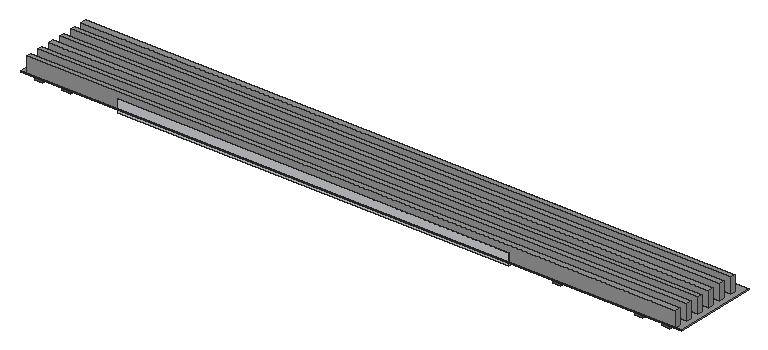
Revit family "1113-6, Solid", category Generic Models, host Face, Revit 2020
Family settings
  Host = Face
  Can host rebar = No
  Round Connector Dimension = Use Diameter
  Part Type = Normal
  Cut with Voids When Loaded = No
  Shared = No
  Room Calculation Point = No
Parameters
  min_value [instance] = 1' - 11 1/4"  # constant formula
  max_value [instance] = 11' - 11 1/4"  # constant formula
  actual_value [instance] = if(NET LENGTH < min_value, min_value, if(NET LENGTH > max_value, max_value, NET LENGTH))  # 7' - 11 1/4"
  SCRIM MATERIAL [instance] = SCRIM
  SCRIM [instance] = yes
  NET LENGTH [instance] = 7' - 11 1/4"
  Default Elevation = 4' - 0"
  BACKER MATERIAL [instance] = BLACK-BACKERS
  .. MEMBER WIDTH [instance] = 0' - 0 3/4"  # constant formula
  .. MEMBER MATERIAL [instance] = Solid Western Hemlock
  .. MEMBER LENGTH [instance] = actual_value  # 7' - 11 1/4"
  .. MEMBER DEPTH [instance] = 0' - 2 1/4"  # constant formula
  .. MEMBER COUNT [instance] = 6  # constant formula
  IMPORTANT NOTE!!!                                                                             *Backer layout is for visualization purposes only, final layout to be determined by 9Wood. [instance] = ""
Reference planes (in)
  plane 1 "Center (Front/Back)": y = 0
  plane 2: z = 1.82209
  plane 3 "Center (Left/Right)": x = 0
Forms (in)
  Extrusion 1, solid
    sketch origin (132, -33.80483, 0) x (1, 0, 0) y (0, 1, 0)
      loop
        line (-118.625, 33.80483) -> (-61.26146, 33.80483) -> (-61.26146, 45.86733) -> (-118.625, 45.86733) -> (-118.625, 33.80483)
    from 1.82209 to 0
Dimensions and locks (in)
  aligned and locked: Extrusion 1 to plane 2
  aligned and locked: plane 3 "Center (Left/Right)" to nested 1
Nested families (in)
  nested 1: "1100 SERIES CONFIG" at (0, 2, 0), .. MEMBER DEPTH <- ".. MEMBER DEPTH", .. MEMBER LENGTH <- ".. MEMBER LENGTH", .. MEMBER WIDTH <- ".. MEMBER WIDTH", .. MEMBER MATERIAL <- ".. MEMBER MATERIAL", BACKING M MATERIAL <- "BACKER MATERIAL", SCRIM  MATERIAL <- "SCRIM MATERIAL", .. MEMBER COUNT <- ".. MEMBER COUNT", SCRIM <- "SCRIM", type "1100 SERIES CONFIG"
    with X 7' - 8", SCRIM OVERHANG 2 0' - 0 3/32", SCRIM OVERHANG 0' - 0 7/8", SCRIM LENGTH 8' - 1", SCRIM  MATERIAL SCRIM, SCRIM yes, NOMINAL LENGTH 7, N 8, Inset 6' - 0 3/8", INSET 0' - 1", INDEX 0' - 5 5/8", HALF MEMBER WIDTH 0' - 0 3/8", HALF LENGTH 3' - 11 5/8", END BACKER yes, BACKING M WIDTH 0' - 1 1/4", BACKING M OC SPACING 1' - 0", BACKING M MATERIAL BLACK-BACKERS, BACKING M LENGTH 0' - 11 7/8", BACKING M DEPTH 0' - 0 1/2", BACKING M COUNT 8, 3/16" INSET 0' - 0 3/16", .. MEMBER WIDTH 0' - 0 3/4", .. MEMBER OC SPACING 0' - 2", .. MEMBER MATERIAL Solid Western Hemlock, .. MEMBER LENGTH 7' - 11 1/4", .. MEMBER DEPTH 0' - 2 1/4", .. MEMBER COUNT 6
Definition of nested family "1100 SERIES CONFIG"
  Parameters (values of type "1100 SERIES CONFIG")
    X [instance] = .. MEMBER LENGTH - 0' 3 1/4"  # 5' - 5"
    SCRIM OVERHANG 2 [instance] = 0' - 0 3/32"  # constant formula
    SCRIM OVERHANG [instance] = 0' - 0 7/8"  # constant formula
    SCRIM LENGTH [instance] = .. MEMBER LENGTH + (SCRIM OVERHANG * 2)  # 5' - 10"
    SCRIM  MATERIAL [instance] = none
    SCRIM [instance] = yes
    NOMINAL LENGTH [instance] = 7
    N [instance] = if((X - (rounddown(X / 1' 0") * 1' 0")) > 1' 0", rounddown(X / 1' 0") + 2, rounddown(X / 1' 0") + 1)  # 6
    Inset [instance] = 6' - 0 3/8"  # constant formula
    INSET [instance] = 0' - 1"  # constant formula
    END BACKER [instance] = INDEX > 0' 3 5/8"  # yes
    INDEX [instance] = (.. MEMBER LENGTH - ((N - 1) * 1' 0")) / 2  # 0' - 4 1/8"
    HALF MEMBER WIDTH [instance] = .. MEMBER WIDTH / 2  # 0' - 0 5/16"
    HALF LENGTH [instance] = .. MEMBER LENGTH / 2  # 2' - 10 1/8"
    Default Elevation = 0' - 0"
    BACKING M WIDTH [instance] = 0' - 1 1/4"
    BACKING M SPACING = 3' - 3"
    BACKING M MATERIAL [instance] = none
    BACKING M LENGTH [instance] = 0' - 11 7/8"
    BACKING M DEPTH [instance] = 0' - 0 1/2"
    BACKING M COUNT [instance] = N  # 6
    BACKING M OC SPACING [instance] = 1' - 0"  # constant formula
    3/16" INSET [instance] = 0' - 0 3/16"  # constant formula
    .. MEMBER WIDTH [instance] = 0' - 0 5/8"
    .. MEMBER OC SPACING [instance] = 1' 0" / .. MEMBER COUNT  # 0' - 4"
    .. MEMBER MATERIAL [instance] = none
    .. MEMBER LENGTH [instance] = 5' - 8 1/4"
    .. MEMBER DEPTH [instance] = 0' - 1 3/8"
    .. MEMBER COUNT [instance] = 3
  Reference planes (in)
    plane 1 "Center (Front/Back)": y = -2
    plane 2: z = 0
    plane 3 "Center (Left/Right)": x = 0
    plane 4: x = 1
    plane 5: x = 4.125
    plane 6: x = 34.125
    plane 7: x = 68.25
    plane 8: x = 67.25
    plane 9: x = 16.125
    plane 10: y = -1.8125
    plane 11: y = -1.6875
    plane 12: y = 2.3125
    plane 13: x = 69.125
    plane 14: x = -0.875
    plane 15: z = 0.5
    plane 16: z = 0.5625
    plane 17: y = 10.0625
    plane 18: y = 10.15625
    plane 19: y = -2.09375
  Dimensions and locks (in)
    "INSET": plane 3 "Center (Left/Right)" to plane 4
    "INDEX": plane 3 "Center (Left/Right)" to plane 5
    "HALF LENGTH": plane 3 "Center (Left/Right)" to plane 6
    ".. MEMBER LENGTH": plane 3 "Center (Left/Right)" to plane 7
    "INSET": plane 8 to plane 7
    equal spacing: group 2, group 3, group 6, group 7, group 8, group 9  (x3)
    "3/16" INSET": plane 1 "Center (Front/Back)" to plane 10
    ".. MEMBER OC SPACING": plane 12 to plane 11
    "SCRIM OVERHANG": plane 14 to plane 3 "Center (Left/Right)"
    "SCRIM OVERHANG": plane 7 to plane 13
    equal spacing: group 1, group 4, group 5  (x2)
    equal spacing: group 5, group 4, group 1
    "HALF MEMBER WIDTH": plane 1 "Center (Front/Back)" to plane 11
    "BACKING M OC SPACING": plane 5 to plane 9
    "SCRIM OVERHANG 2": plane 18 to plane 17
    "SCRIM OVERHANG 2": plane 19 to plane 1 "Center (Front/Back)"
    aligned and locked: level to plane 2
    aligned and locked: plane 6 to nested 1
    aligned and locked: nested 2 to plane 4
    aligned and locked: plane 5 to nested 3
    aligned and locked: plane 1 "Center (Front/Back)" to nested 1
    aligned and locked: nested 2 to plane 10
    aligned and locked: nested 3 to plane 10
    aligned and locked: nested 5 to plane 10
    aligned and locked: nested 4 to plane 10
    aligned and locked: nested 6 to plane 14
    aligned and locked: plane 12 to nested 7
    aligned and locked: nested 7 to plane 3 "Center (Left/Right)"
    aligned and locked: plane 9 to nested 5
    aligned and locked: plane 8 to nested 4
    aligned and locked: plane 15 to nested 2
    aligned and locked: nested 6 to plane 15
    aligned and locked: nested 1 to plane 16
    aligned and locked: nested 7 to plane 16
    aligned and locked: nested 6 to plane 19
  Nested families (in)
    nested 1: "INSTANCE - Parametric Cube" at (34.125, -1.6875, 1.9375), Length <- ".. MEMBER WIDTH", Height <- ".. MEMBER DEPTH", Width <- ".. MEMBER LENGTH", Material <- ".. MEMBER MATERIAL", type "INSTANCE - Parametric Cube"
      with Width 5' - 8 1/4", Material none, Length 0' - 0 5/8", Height 0' - 1 3/8"
    nested 2: "2ND INSTANCE - Parametric Cube" at (1.625, 4.125, 0), Height <- "BACKING M DEPTH", Length <- "BACKING M LENGTH", Width <- "BACKING M WIDTH", Material <- "BACKING M MATERIAL", visible <- "END BACKER", type "2ND INSTANCE - Parametric Cube"
      with Width 0' - 1 1/4", Material none, Length 0' - 11 7/8", Height 0' - 0 1/2"
    nested 3: "2ND INSTANCE - Parametric Cube" at (4.125, 4.125, 0), Length <- "BACKING M LENGTH", Height <- "BACKING M DEPTH", Width <- "BACKING M WIDTH", Material <- "BACKING M MATERIAL", type "2ND INSTANCE - Parametric Cube"
      with Width 0' - 1 1/4", Material none, Length 0' - 11 7/8", Height 0' - 0 1/2"
    nested 4: "2ND INSTANCE - Parametric Cube" at (66.625, 4.125, 0), Width <- "BACKING M WIDTH", Length <- "BACKING M LENGTH", Height <- "BACKING M DEPTH", Material <- "BACKING M MATERIAL", visible <- "END BACKER", type "2ND INSTANCE - Parametric Cube"
      with Width 0' - 1 1/4", Material none, Length 0' - 11 7/8", Height 0' - 0 1/2"
    nested 5: "2ND INSTANCE - Parametric Cube" at (16.125, 4.125, 0), Length <- "BACKING M LENGTH", Height <- "BACKING M DEPTH", Width <- "BACKING M WIDTH", Material <- "BACKING M MATERIAL", type "2ND INSTANCE - Parametric Cube"
      with Width 0' - 1 1/4", Material none, Length 0' - 11 7/8", Height 0' - 0 1/2"
    nested 6: "3RD INSTANCE - Parametric Cube" at (34.125, 4.0445, 0.5), Width <- "SCRIM LENGTH", Material <- "SCRIM  MATERIAL", visible <- "SCRIM", type "3RD INSTANCE - Parametric Cube"
      with Width 5' - 10", Material none, Length 1' - 0.27649", Height 0' - 0 1/16"
    nested 7: "INSTANCE - Parametric Cube" at (34.125, 2.3125, 1.9375), Length <- ".. MEMBER WIDTH", Height <- ".. MEMBER DEPTH", Width <- ".. MEMBER LENGTH", Material <- ".. MEMBER MATERIAL", type "INSTANCE - Parametric Cube"
      with Width 5' - 8 1/4", Material none, Length 0' - 0 5/8", Height 0' - 1 3/8"
    nested 8: "INSTANCE - Parametric Cube" at (34.125, 6.3125, 1.9375), Length <- ".. MEMBER WIDTH", Height <- ".. MEMBER DEPTH", Width <- ".. MEMBER LENGTH", Material <- ".. MEMBER MATERIAL", type "INSTANCE - Parametric Cube"
      with Width 5' - 8 1/4", Material none, Length 0' - 0 5/8", Height 0' - 1 3/8"
    nested 9: "2ND INSTANCE - Parametric Cube" at (28.125, 4.125, 0), Length <- "BACKING M LENGTH", Height <- "BACKING M DEPTH", Width <- "BACKING M WIDTH", Material <- "BACKING M MATERIAL", type "2ND INSTANCE - Parametric Cube"
      with Width 0' - 1 1/4", Material none, Length 0' - 11 7/8", Height 0' - 0 1/2"
    nested 10: "2ND INSTANCE - Parametric Cube" at (40.125, 4.125, 0), Length <- "BACKING M LENGTH", Height <- "BACKING M DEPTH", Width <- "BACKING M WIDTH", Material <- "BACKING M MATERIAL", type "2ND INSTANCE - Parametric Cube"
      with Width 0' - 1 1/4", Material none, Length 0' - 11 7/8", Height 0' - 0 1/2"
    nested 11: "2ND INSTANCE - Parametric Cube" at (52.125, 4.125, 0), Length <- "BACKING M LENGTH", Height <- "BACKING M DEPTH", Width <- "BACKING M WIDTH", Material <- "BACKING M MATERIAL", type "2ND INSTANCE - Parametric Cube"
      with Width 0' - 1 1/4", Material none, Length 0' - 11 7/8", Height 0' - 0 1/2"
    nested 12: "2ND INSTANCE - Parametric Cube" at (64.125, 4.125, 0), Length <- "BACKING M LENGTH", Height <- "BACKING M DEPTH", Width <- "BACKING M WIDTH", Material <- "BACKING M MATERIAL", type "2ND INSTANCE - Parametric Cube"
      with Width 0' - 1 1/4", Material none, Length 0' - 11 7/8", Height 0' - 0 1/2"
  Definition of nested family "INSTANCE - Parametric Cube"
    Parameters (values of type "INSTANCE - Parametric Cube")
      Width [instance] = 0' - 6"
      Material [instance] = none
      Length [instance] = 1' - 0"
      Height [instance] = 1' - 6"
      Default Elevation = 0' - 0"
    Reference planes (in)
      plane 1 "Center (Front/Back)": y = 0
      plane 2: z = 0
      plane 3 "Center (Left/Right)": x = 0
      plane 4: x = -3
      plane 5: x = 3
      plane 6: y = 6
      plane 7: y = -6
      plane 8: z = -18
    Forms (in)
      Extrusion 1, solid, material <- "Material"
        sketch origin (0, 0, 0) x (1, 0, 0) y (0, 1, 0)
          loop
            line (-3, 6) -> (-3, -6) -> (3, -6) -> (3, 6) -> (-3, 6)
        from -18 to 0
    Dimensions and locks (in)
      equal spacing: plane 4, plane 3 "Center (Left/Right)", plane 5
      equal spacing: plane 6, plane 1 "Center (Front/Back)", plane 7
      "Length": plane 6 to plane 7
      "Width": plane 4 to plane 5
      "Height": plane 8 to level
      aligned and locked: plane 2 to level
      aligned and locked: Extrusion 1 sketch curve to plane 6
      aligned and locked: plane 4 to Extrusion 1 sketch curve
      aligned and locked: plane 7 to Extrusion 1 sketch curve
      aligned and locked: Extrusion 1 sketch curve to plane 5
      aligned and locked: Extrusion 1 to plane 8
  Definition of nested family "2ND INSTANCE - Parametric Cube"
    Parameters (values of type "2ND INSTANCE - Parametric Cube")
      Width [instance] = 0' - 6"
      Material [instance] = none
      Length [instance] = 1' - 0"
      Height [instance] = 1' - 6"
      Default Elevation = 0' - 0"
    Reference planes (in)
      plane 1 "Center (Front/Back)": y = 0
      plane 2: z = 0
      plane 3 "Center (Left/Right)": x = 0
      plane 4: x = -3
      plane 5: x = 3
      plane 6: y = 6
      plane 7: y = -6
      plane 8: z = 18
    Forms (in)
      Extrusion 1, solid, material <- "Material"
        sketch origin (0, 0, 0) x (1, 0, 0) y (0, 1, 0)
          loop
            line (-3, 6) -> (-3, -6) -> (3, -6) -> (3, 6) -> (-3, 6)
        from 0 to 18
    Dimensions and locks (in)
      equal spacing: plane 4, plane 3 "Center (Left/Right)", plane 5
      equal spacing: plane 6, plane 1 "Center (Front/Back)", plane 7
      "Length": plane 6 to plane 7
      "Width": plane 4 to plane 5
      "Height": level to plane 8
      aligned and locked: plane 2 to level
      aligned and locked: Extrusion 1 sketch curve to plane 6
      aligned and locked: plane 4 to Extrusion 1 sketch curve
      aligned and locked: plane 7 to Extrusion 1 sketch curve
      aligned and locked: Extrusion 1 sketch curve to plane 5
      aligned and locked: plane 8 to Extrusion 1
      aligned and locked: Extrusion 1 to level
  Definition of nested family "3RD INSTANCE - Parametric Cube"
    Parameters (values of type "3RD INSTANCE - Parametric Cube")
      Width [instance] = 0' - 6"
      Material [instance] = none
      Length [instance] = 1' - 0"
      Height [instance] = 1' - 6"
      Default Elevation = 0' - 0"
    Reference planes (in)
      plane 1 "Center (Front/Back)": y = 0
      plane 2: z = 0
      plane 3 "Center (Left/Right)": x = 0
      plane 4: x = -3
      plane 5: x = 3
      plane 6: y = 6
      plane 7: y = -6
      plane 8: z = 18
    Forms (in)
      Extrusion 1, solid, material <- "Material"
        sketch origin (0, 0, 0) x (1, 0, 0) y (0, 1, 0)
          loop
            line (-3, 6) -> (-3, -6) -> (3, -6) -> (3, 6) -> (-3, 6)
        from 0 to 18
    Dimensions and locks (in)
      equal spacing: plane 4, plane 3 "Center (Left/Right)", plane 5
      equal spacing: plane 6, plane 1 "Center (Front/Back)", plane 7
      "Length": plane 6 to plane 7
      "Width": plane 4 to plane 5
      "Height": level to plane 8
      aligned and locked: plane 2 to level
      aligned and locked: Extrusion 1 sketch curve to plane 6
      aligned and locked: plane 4 to Extrusion 1 sketch curve
      aligned and locked: plane 7 to Extrusion 1 sketch curve
      aligned and locked: Extrusion 1 sketch curve to plane 5
      aligned and locked: plane 8 to Extrusion 1
      aligned and locked: Extrusion 1 to level
